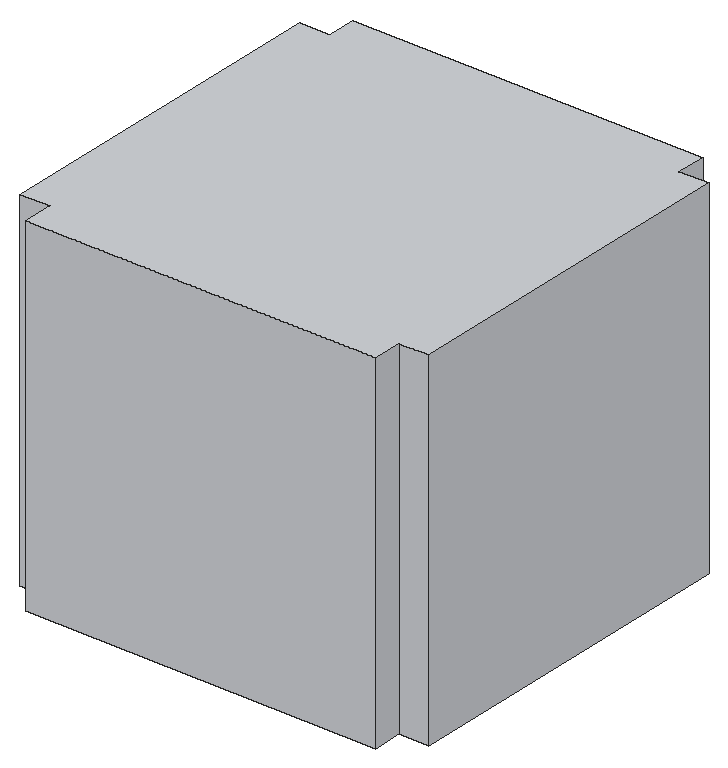
Revit family "M_Cruzamento retangular", category Conexões de duto, Revit 2019
Family settings
  Cota do conector redondo = Utilizar diâmetro
  Tipo de parte = Cruzeta
  Número OmniClass = 23.75.70.14
  Título OmniClass = Air Ductwork
  ID de item do Seek = Rectangular Cross-0000-CAN-ENU
  Com base no plano de trabalho = Não
  Sempre na vertical = Sim
  Corte com vazios quando carregada = Não
  Compartilhado = Não
Parameters (values of type "Padrão")
  Largura do duto 4 [instance] = 300 mm
  Largura do duto 3 [instance] = 300 mm
  Largura do duto 1 [instance] = 300 mm
  Anteparo [instance] = 25 mm
  Comprimento3 [instance] = Comprimento3a + Anteparo  # 175 mm
  Comprimento1a [instance] = if(Largura do duto 3 > Largura do duto 4, Largura do duto 3 / 2, Largura do duto 4 / 2)  # 150 mm
  Comprimento1 [instance] = Comprimento1a + Anteparo  # 175 mm
  Comprimento3a [instance] = Largura do duto 1 / 2  # 150 mm
  Altura do duto [instance] = 300 mm
Reference planes
  plane 1 "Centro (Frente/Trás)": y = 0
  plane 2: z = 0
  plane 3 "Centro (Esquerda/Direita)": x = 0
  plane 4: x = -175
  plane 5: y = 175
  plane 6: x = 175
  plane 7: y = -175
  plane 8: z = 150
  plane 9: z = -150
Forms (mm)
  Sweep 1, solid, detail levels medium+fine
    path in 3D
      loop
        line (-175, 0, 0) -> (0, 0, 0)
    profile "M_Duto - Retangular : Duto - Retangular" origin (-87.5, 0, 0) x (0, 1, 0) y (0, 0, 1)
      loop
        line (-150, 150) -> (-150, -150) -> (150, -150) -> (150, 150) -> (-150, 150)
  Sweep 2, solid, detail levels medium+fine
    path in 3D
      loop
        line (0, 0, 0) -> (175, 0, 0)
    profile "M_Duto - Retangular : Duto - Retangular" origin (87.5, 0, 0) x (0, 1, 0) y (0, 0, 1)
      loop
        line (-150, 150) -> (-150, -150) -> (150, -150) -> (150, 150) -> (-150, 150)
  Sweep 3, solid, detail levels medium+fine
    path in 3D
      loop
        line (0, 0, 0) -> (0, 175, 0)
    profile "M_Duto - Retangular : Duto - Retangular 3" origin (0, 87.5, 0) x (-1, 0, 0) y (0, 0, 1)
      loop
        line (-150, 150) -> (-150, -150) -> (150, -150) -> (150, 150) -> (-150, 150)
  Sweep 4, solid, detail levels medium+fine
    path in 3D
      loop
        line (0, 0, 0) -> (0, -175, 0)
    profile "M_Duto - Retangular : Duto - Retangular 4" origin (0, -87.5, 0) x (1, 0, 0) y (0, 0, 1)
      loop
        line (-150, 150) -> (-150, -150) -> (150, -150) -> (150, 150) -> (-150, 150)
Cuts and joins
  joined: Sweep 1, Sweep 2, Sweep 3, Sweep 4
Lines and regions (mm)
  reference lines
    curve 1: line (-175, 0, 0) -> (0, 0, 0)
    curve 2: line (0, 0, 0) -> (175, 0, 0)
    curve 3: line (0, 0, 0) -> (0, 175, 0)
    curve 4: line (0, 0, 0) -> (0, -175, 0)
  sketch lines
    curve 5: line (-175, 0, 0) -> (0, 0, 0)
    curve 6: line (0, 0, 0) -> (175, 0, 0)
    curve 7: line (0, 0, 0) -> (0, 175, 0)
    curve 8: line (0, 0, 0) -> (0, -175, 0)
  model lines, style "DuctFitting", detail levels coarse
    curve 9: line (-175, 0, 0) -> (0, 0, 0)
    curve 10: line (0, 0, 0) -> (175, 0, 0)
    curve 11: line (0, 0, 0) -> (0, 175, 0)
    curve 12: line (0, 0, 0) -> (0, -175, 0)
Dimensions and locks
  "Comprimento3": plane 1 "Centro (Frente/Trás)" to plane 5
  "Comprimento3": plane 7 to plane 1 "Centro (Frente/Trás)"
  equal spacing: plane 4, plane 3 "Centro (Esquerda/Direita)", plane 6
  "Comprimento1": plane 4 to plane 3 "Centro (Esquerda/Direita)"
  equal spacing: plane 8, level, plane 9
  "Altura do duto": plane 8 to plane 9
  aligned and locked: plane 4 to curve 1
  aligned and locked: plane 1 "Centro (Frente/Trás)" to curve 1
  aligned and locked: plane 6 to curve 2
  aligned and locked: plane 3 "Centro (Esquerda/Direita)" to curve 2
  aligned and locked: plane 1 "Centro (Frente/Trás)" to curve 2
  aligned and locked: plane 5 to curve 3
  aligned and locked: plane 7 to curve 4
  aligned and locked: curve 9 to curve 1
  aligned and locked: curve 10 to curve 2
  aligned and locked: curve 12 to curve 4
Automatic sketch dimensions
  curve 9 to plane 4 = 0 mm
  curve 10 to plane 6 = 0 mm
  curve 11 to plane 5 = 0 mm
  curve 12 to plane 7 = 0 mm
Connectors
  hvac at (-175, 0, 0), driven by "Altura do duto", driven by "Largura do duto 1"
    settings: on cut or joined group of Sweep 1, Sweep 2, Sweep 3, Sweep 4, index 1, duct flow 0.0 L/s, flow factor 0, pres drop 0.0 Pa, loss coef 0, conn angle 0.00°, conn width 300 mm, conn height 300 mm, conn diameter 609.6 mm, duct sys type 28, conn prof type 1, flow config 0, flow direction 0, loss method 0, conn ref index 2, conn util no, is conn primary yes, conn desc ""
  hvac at (175, 0, 0), driven by "Altura do duto", driven by "Largura do duto 1"
    settings: on cut or joined group of Sweep 1, Sweep 2, Sweep 3, Sweep 4, index 2, duct flow 0.0 L/s, flow factor 0, pres drop 0.0 Pa, loss coef 0, conn angle 0.00°, conn width 300 mm, conn height 300 mm, conn diameter 609.6 mm, duct sys type 28, conn prof type 1, flow config 0, flow direction 0, loss method 0, conn ref index 1, conn util no, is conn primary no, conn desc ""
  hvac at (0, 175, 0), driven by "Altura do duto", driven by "Largura do duto 3"
    settings: on cut or joined group of Sweep 1, Sweep 2, Sweep 3, Sweep 4, index 3, duct flow 0.0 L/s, flow factor 0, pres drop 0.0 Pa, loss coef 0, conn angle 0.00°, conn width 300 mm, conn height 300 mm, conn diameter 609.6 mm, duct sys type 28, conn prof type 1, flow config 0, flow direction 0, loss method 0, conn ref index 4, conn util no, is conn primary no, conn desc ""
  hvac at (0, -175, 0), driven by "Altura do duto", driven by "Largura do duto 4"
    settings: on cut or joined group of Sweep 1, Sweep 2, Sweep 3, Sweep 4, index 4, duct flow 0.0 L/s, flow factor 0, pres drop 0.0 Pa, loss coef 0, conn angle 0.00°, conn width 300 mm, conn height 300 mm, conn diameter 609.6 mm, duct sys type 28, conn prof type 1, flow config 0, flow direction 0, loss method 0, conn ref index 3, conn util no, is conn primary no, conn desc ""
